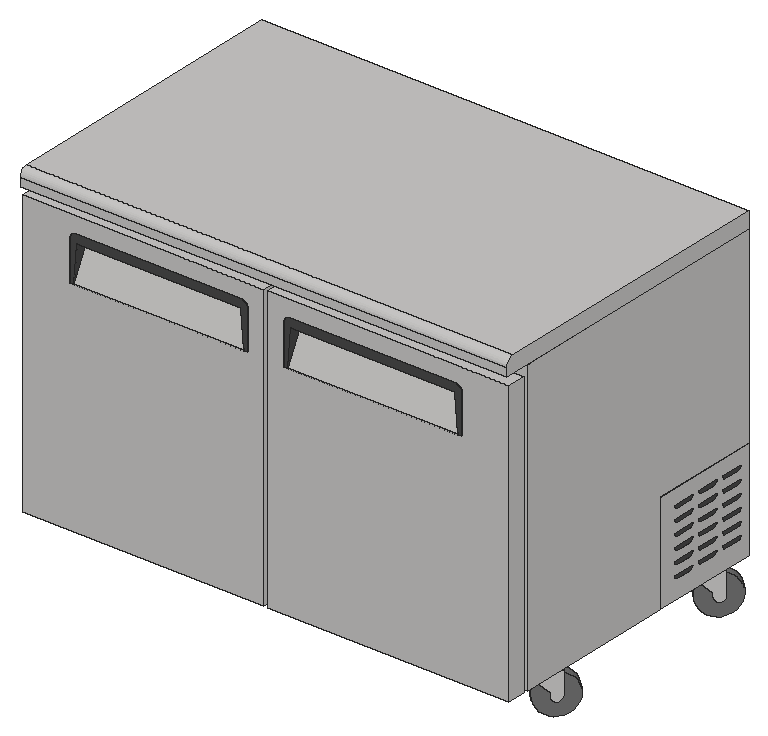
Revit family "QF_Turbo Air_MUF-48", category Specialty Equipment, Revit 2012
Parameters
  Weight in Pounds = 246
  Watermarked By = "http://revitwatermark.com"
  Volts = 115 V
  URL Cutsheet = ""
  URL = "www.turboairinc.com"
  Status [instance] = ""
  Specification by User [instance] = ""
  Specification by Manufacturer [instance] = ""
  Serial Number [instance] = ""
  Revision Code [instance] = ""
  Phase = 1
  Number of Poles [instance] = 1
  NAFEM Spec ID Number [instance] = ""
  Model = "MUF-48"
  Masterspec [instance] = ""
  Manufacturer = "Turbo Air"  # constant formula
  Legs [instance] = [6 inch Legs]  # no
  Item Number [instance] = "-"
  Installed By [instance] = ""
  HP = "1/2"
  Furnished By [instance] = ""
  Foodservice Equipment Identifier = yes
  FL Amps = 8.3 A
  Electrical Remarks [instance] = ""
  Electric Connection Type [instance] = ""
  Elec Conn RI Height [instance] = 0' - 0"
  Elec Conn Connection Height = 1' - 0"
  Description = "Undercounter Freezer"
  Cycle = 60 Hz
  Conn Plug = "NEMA 5-15P"
  Casters [instance] = not(Legs)  # yes
  CasterLeg Height [instance] = if([4 inch Casters], 0' 5", if([5 inch Casters], 0' 5 3/4", if([2_5 inch Casters], 0' 3 3/8", 0' 6")))  # 0' - 5"
  CSI MasterFormat = "11 41 13"
  Assembly Code = "E1090320"
  Apparent Power = if(Phase = 3, Volts * FL Amps * 1.73, Volts * FL Amps)  # 954.5 VA
  6 inch Legs [instance] = no
  5 inch Casters [instance] = no
  4 inch Casters [instance] = yes
  2_5 inch Casters [instance] = no
Reference planes (in)
  plane 1 "BACK": y = 0
  plane 2: z = 0
  plane 3 "LEFT": x = -20.78844
  plane 4 "Bottom": z = 5
  plane 5 "Back Stops": y = 1
  plane 6 "RIGHT": x = 27.46156
  plane 7 "FRONT": y = -30
  plane 8 "Door Clearance": y = -51.875
  plane 9 "Back of Door": y = -27.875
  plane 10 "Front of Box": y = -27.375
  plane 11 "Top of Door": z = 33.125
  plane 12 "TOP": z = 35.625
  plane 13 "Bottom of TOP": z = 34
  plane 14 "Center LR": x = 3.33656
  plane 15: x = 3.52406
  plane 16: x = 3.14906
Forms (in)
  Extrusion 1, solid, material "QF_Finishes_Stainless Steel"
    sketch origin (-20.78844, 0, 0) x (0, 1, 0) y (0, 0, 1)
      loop
        line (0, 5) -> (0, 34) -> (-27.375, 34) -> (-27.375, 5) -> (0, 5)
    from 0 to 48.25
  Extrusion 2, solid, material "QF_Finishes_Black"
    sketch origin (0, -27.375, 0) x (1, 0, 0) y (0, 0, 1)
      loop
        line (-19.78844, 32.125) -> (-19.78844, 6) -> (2.14906, 6) -> (2.14906, 32.125) -> (-19.78844, 32.125)
      loop
        line (4.52406, 32.125) -> (4.52406, 6) -> (26.46156, 6) -> (26.46156, 32.125) -> (4.52406, 32.125)
    from 0 to 0.5
  Extrusion 3, void
    sketch origin (27.46156, 0, 0) x (0, 1, 0) y (0, 0, 1)
      loop
        line (0, 5) -> (0, 15) -> (-11, 15) -> (-11, 5) -> (0, 5)
    from 0 to -1
  Extrusion 4, solid, material "QF_Finishes_Stainless Steel"
    sketch origin (27.46156, 0, 0) x (0, 1, 0) y (0, 0, 1)
      loop
        line (-10.875, 14.875) -> (-10.875, 5) -> (0, 5) -> (0, 14.875) -> (-10.875, 14.875)
      loop
        arc (-9.25, 13.5) -> (-9.10355, 13.14645) -> (-8.75, 13) r 0.5
        line (-8.75, 13) -> (-7.25, 13)
        arc (-7.25, 13) -> (-6.89645, 13.14645) -> (-6.75, 13.5) r 0.5
        line (-6.75, 13.5) -> (-9.25, 13.5)
      loop
        arc (-6.25, 13.5) -> (-6.10355, 13.14645) -> (-5.75, 13) r 0.5
        line (-5.75, 13) -> (-4.25, 13)
        arc (-4.25, 13) -> (-3.89645, 13.14645) -> (-3.75, 13.5) r 0.5
        line (-3.75, 13.5) -> (-6.25, 13.5)
      loop
        arc (-3.25, 13.5) -> (-3.10355, 13.14645) -> (-2.75, 13) r 0.5
        line (-2.75, 13) -> (-1.25, 13)
        arc (-1.25, 13) -> (-0.89645, 13.14645) -> (-0.75, 13.5) r 0.5
        line (-0.75, 13.5) -> (-3.25, 13.5)
      loop
        arc (-9.25, 12.25) -> (-9.10355, 11.89645) -> (-8.75, 11.75) r 0.5
        line (-8.75, 11.75) -> (-7.25, 11.75)
        arc (-7.25, 11.75) -> (-6.89645, 11.89645) -> (-6.75, 12.25) r 0.5
        line (-6.75, 12.25) -> (-9.25, 12.25)
      loop
        arc (-6.25, 12.25) -> (-6.10355, 11.89645) -> (-5.75, 11.75) r 0.5
        line (-5.75, 11.75) -> (-4.25, 11.75)
        arc (-4.25, 11.75) -> (-3.89645, 11.89645) -> (-3.75, 12.25) r 0.5
        line (-3.75, 12.25) -> (-6.25, 12.25)
      loop
        arc (-3.25, 12.25) -> (-3.10355, 11.89645) -> (-2.75, 11.75) r 0.5
        line (-2.75, 11.75) -> (-1.25, 11.75)
        arc (-1.25, 11.75) -> (-0.89645, 11.89645) -> (-0.75, 12.25) r 0.5
        line (-0.75, 12.25) -> (-3.25, 12.25)
      loop
        arc (-9.25, 11) -> (-9.10355, 10.64645) -> (-8.75, 10.5) r 0.5
        line (-8.75, 10.5) -> (-7.25, 10.5)
        arc (-7.25, 10.5) -> (-6.89645, 10.64645) -> (-6.75, 11) r 0.5
        line (-6.75, 11) -> (-9.25, 11)
      loop
        arc (-6.25, 11) -> (-6.10355, 10.64645) -> (-5.75, 10.5) r 0.5
        line (-5.75, 10.5) -> (-4.25, 10.5)
        arc (-4.25, 10.5) -> (-3.89645, 10.64645) -> (-3.75, 11) r 0.5
        line (-3.75, 11) -> (-6.25, 11)
      loop
        arc (-3.25, 11) -> (-3.10355, 10.64645) -> (-2.75, 10.5) r 0.5
        line (-2.75, 10.5) -> (-1.25, 10.5)
        arc (-1.25, 10.5) -> (-0.89645, 10.64645) -> (-0.75, 11) r 0.5
        line (-0.75, 11) -> (-3.25, 11)
      loop
        arc (-9.25, 9.75) -> (-9.10355, 9.39645) -> (-8.75, 9.25) r 0.5
        line (-8.75, 9.25) -> (-7.25, 9.25)
        arc (-7.25, 9.25) -> (-6.89645, 9.39645) -> (-6.75, 9.75) r 0.5
        line (-6.75, 9.75) -> (-9.25, 9.75)
      loop
        arc (-6.25, 9.75) -> (-6.10355, 9.39645) -> (-5.75, 9.25) r 0.5
        line (-5.75, 9.25) -> (-4.25, 9.25)
        arc (-4.25, 9.25) -> (-3.89645, 9.39645) -> (-3.75, 9.75) r 0.5
        line (-3.75, 9.75) -> (-6.25, 9.75)
      loop
        arc (-3.25, 9.75) -> (-3.10355, 9.39645) -> (-2.75, 9.25) r 0.5
        line (-2.75, 9.25) -> (-1.25, 9.25)
        arc (-1.25, 9.25) -> (-0.89645, 9.39645) -> (-0.75, 9.75) r 0.5
        line (-0.75, 9.75) -> (-3.25, 9.75)
      loop
        arc (-9.25, 8.5) -> (-9.10355, 8.14645) -> (-8.75, 8) r 0.5
        line (-8.75, 8) -> (-7.25, 8)
        arc (-7.25, 8) -> (-6.89645, 8.14645) -> (-6.75, 8.5) r 0.5
        line (-6.75, 8.5) -> (-9.25, 8.5)
      loop
        arc (-6.25, 8.5) -> (-6.10355, 8.14645) -> (-5.75, 8) r 0.5
        line (-5.75, 8) -> (-4.25, 8)
        arc (-4.25, 8) -> (-3.89645, 8.14645) -> (-3.75, 8.5) r 0.5
        line (-3.75, 8.5) -> (-6.25, 8.5)
      loop
        arc (-3.25, 8.5) -> (-3.10355, 8.14645) -> (-2.75, 8) r 0.5
        line (-2.75, 8) -> (-1.25, 8)
        arc (-1.25, 8) -> (-0.89645, 8.14645) -> (-0.75, 8.5) r 0.5
        line (-0.75, 8.5) -> (-3.25, 8.5)
      loop
        arc (-9.25, 7.25) -> (-9.10355, 6.89645) -> (-8.75, 6.75) r 0.5
        line (-8.75, 6.75) -> (-7.25, 6.75)
        arc (-7.25, 6.75) -> (-6.89645, 6.89645) -> (-6.75, 7.25) r 0.5
        line (-6.75, 7.25) -> (-9.25, 7.25)
      loop
        arc (-6.25, 7.25) -> (-6.10355, 6.89645) -> (-5.75, 6.75) r 0.5
        line (-5.75, 6.75) -> (-4.25, 6.75)
        arc (-4.25, 6.75) -> (-3.89645, 6.89645) -> (-3.75, 7.25) r 0.5
        line (-3.75, 7.25) -> (-6.25, 7.25)
      loop
        arc (-3.25, 7.25) -> (-3.10355, 6.89645) -> (-2.75, 6.75) r 0.5
        line (-2.75, 6.75) -> (-1.25, 6.75)
        arc (-1.25, 6.75) -> (-0.89645, 6.89645) -> (-0.75, 7.25) r 0.5
        line (-0.75, 7.25) -> (-3.25, 7.25)
    from 0 to -1
  Extrusion 5, solid, material "QF_Finishes_Black"
    sketch origin (27.46156, 0, 0) x (0, 1, 0) y (0, 0, 1)
      loop
        line (-9.875, 13.95221) -> (-9.875, 6.20221) -> (-0.375, 6.20221) -> (-0.375, 13.95221) -> (-9.875, 13.95221)
    from -0.125 to -1
  Extrusion 6, solid, material "QF_Finishes_Black"
    sketch origin (0, 0, 0) x (1, 0, 0) y (0, 0, 1)
      loop
        circle (-14.66344, 30.8125) r 0.5
      loop
        circle (21.33656, 30.8125) r 0.5
    from 0 to -1
  Extrusion 7, solid, material "QF_Finishes_Stainless Steel"
    sketch origin (0, 0, 0) x (1, 0, 0) y (0, 0, 1)
      loop
        circle (23.46156, 11.125) r 0.25
    from 0 to -0.0625
  Extrusion 8, solid, material "QF_Finishes_Polished Steel"
    sketch origin (-20.78844, 0, 0) x (0, 1, 0) y (0, 0, 1)
      loop
        line (0, 35.625) -> (-29.1875, 35.625)
        arc (-29.1875, 35.625) -> (-29.76202, 35.38702) -> (-30, 34.8125) r 0.8125
        line (-30, 34.8125) -> (-30, 34) -> (0, 34) -> (0, 35.625)
    from 0 to 48.25
Cuts and joins
  Extrusion 3 cuts Extrusion 1
Lines and regions (in)
  symbolic lines
    curve 1: line (-20.78844, 0, 35.875) -> (27.46156, 0, 35.875)
    curve 2: line (-20.78844, -30, 35.875) -> (-20.78844, 0, 35.875)
    curve 3: line (27.46156, -30, 35.875) -> (-20.78844, -30, 35.875)
    curve 4: line (27.46156, 0, 35.875) -> (27.46156, -30, 35.875)
    curve 5: line (20.83656, 1, 35.875) -> (21.83656, 1, 35.875)
    curve 6: line (-15.16344, 1, 35.875) -> (-14.16344, 1, 35.875)
    curve 7: line (-15.16344, 1, 35.875) -> (-15.16344, 0, 35.875)
    curve 8: line (-14.16344, 1, 35.875) -> (-14.16344, 0, 35.875)
    curve 9: line (20.83656, 1, 35.875) -> (20.83656, 0, 35.875)
    curve 10: line (21.83656, 1, 35.875) -> (21.83656, 0, 35.875)
  symbolic lines, style "QF_Clearances", detail levels coarse
    curve 11: line (27.46156, -30, 35.875) -> (27.46156, -51.875, 35.875)
    curve 12: arc (27.46156, -51.875, 35.875) -> (11.25971, -45.58093, 35.875) -> (3.55582, -30, 35.875) r 24
    curve 13: line (-20.78844, -30, 35.875) -> (-20.78844, -51.875, 35.875)
    curve 14: arc (-20.78844, -51.875, 35.875) -> (-4.58659, -45.58093, 35.875) -> (3.1173, -30, 35.875) r 24
Dimensions and locks (in)
  "CasterLeg Height": plane 4 "Bottom" to plane 2
  locked: plane 1 "BACK" to plane 5 "Back Stops" at 1
  locked: plane 6 "RIGHT" to plane 3 "LEFT" at 48.25
  locked: plane 7 "FRONT" to plane 1 "BACK" at 30
  locked: plane 9 "Back of Door" to plane 10 "Front of Box" at 0.5
  locked: plane 8 "Door Clearance" to plane 1 "BACK" at 51.875
  locked: plane 11 "Top of Door" to Extrusion 2 sketch curve at 1  (x2)
  locked: Extrusion 2 sketch curve to plane 3 "LEFT" at 1
  locked: Extrusion 2 sketch curve to plane 4 "Bottom" at 1  (x2)
  locked: Extrusion 3 sketch curve to plane 1 "BACK" at 11
  locked: Extrusion 3 sketch curve to plane 4 "Bottom" at 10
  locked: plane 4 "Bottom" to Extrusion 4 sketch curve at 9.875
  locked: Extrusion 4 sketch curve to plane 1 "BACK" at 10.875
  locked: Extrusion 5 sketch curve to Extrusion 5 sketch curve at 7.75
  locked: Extrusion 5 sketch curve to plane 4 "Bottom" at 1.20221
  locked: Extrusion 5 sketch curve to Extrusion 5 sketch curve at 9.5
  locked: Extrusion 5 sketch curve to plane 1 "BACK" at 0.375
  locked: nested 1 to plane 1 "BACK" at 2.5625
  locked: plane 3 "LEFT" to nested 1 at 2.5
  locked: plane 3 "LEFT" to nested 2 at 2.5
  locked: plane 10 "Front of Box" to nested 2 at 4.625
  locked: nested 3 to plane 6 "RIGHT" at 2.5
  locked: nested 4 to plane 6 "RIGHT" at 2.5
  locked: plane 10 "Front of Box" to nested 4 at 4.625
  locked: nested 3 to plane 1 "BACK" at 2.5625
  locked: plane 6 "RIGHT" to Extrusion 6 sketch curve at 6.125
  locked: Extrusion 6 sketch curve to plane 3 "LEFT" at 6.125
  locked: Extrusion 7 sketch curve to plane 4 "Bottom" at 6.125
  locked: plane 6 "RIGHT" to Extrusion 7 sketch curve at 4
  locked: plane 12 "TOP" to plane 4 "Bottom" at 30.625
  locked: plane 12 "TOP" to plane 13 "Bottom of TOP" at 1.625
  locked: plane 13 "Bottom of TOP" to plane 11 "Top of Door" at 0.875
  plane 9 "Back of Door" to plane 1 "BACK" = 2' - 3 7/8"
  equal spacing: plane 3 "LEFT", plane 14 "Center LR", plane 6 "RIGHT"
  plane 16 to plane 14 "Center LR" to plane 15 = 0' - 0 3/16" locked, 0' - 0 3/16" locked
  locked: Extrusion 2 sketch curve to plane 16 at 1
  locked: Extrusion 2 sketch curve to plane 6 "RIGHT" at 1
  locked: Extrusion 2 sketch curve to plane 15 at 1
  aligned and locked: level to plane 2
  aligned and locked: Extrusion 1 sketch curve to plane 1 "BACK"
  aligned and locked: Extrusion 1 sketch curve to plane 4 "Bottom"
  aligned and locked: plane 10 "Front of Box" to Extrusion 1 sketch curve
  aligned and locked: plane 6 "RIGHT" to Extrusion 1
  aligned and locked: plane 9 "Back of Door" to Extrusion 2
  aligned and locked: Extrusion 3 sketch curve to plane 1 "BACK"
  aligned and locked: Extrusion 3 sketch curve to plane 4 "Bottom"
  aligned and locked: Extrusion 6 to plane 5 "Back Stops"
  aligned and locked: plane 1 "BACK" to curve 1
  aligned and locked: curve 4 to plane 6 "RIGHT"
  aligned and locked: plane 3 "LEFT" to curve 2
  aligned and locked: curve 3 to plane 7 "FRONT"
  aligned and locked: curve 5 to Extrusion 6
  aligned and locked: curve 6 to Extrusion 6
  aligned and locked: Extrusion 1 sketch curve to plane 13 "Bottom of TOP"
  aligned and locked: plane 1 "BACK" to Extrusion 8 sketch curve
  aligned and locked: plane 13 "Bottom of TOP" to Extrusion 8 sketch curve
  aligned and locked: Extrusion 8 sketch curve to plane 7 "FRONT"
  aligned and locked: Extrusion 8 sketch curve to plane 12 "TOP"
  aligned and locked: plane 6 "RIGHT" to Extrusion 8
  aligned and locked: nested 6 to plane 4 "Bottom"
  aligned and locked: plane 4 "Bottom" to nested 5
Automatic sketch dimensions
  Extrusion 4 sketch curve to plane 1 "BACK" = 0' - 0"
  Extrusion 4 sketch curve to plane 4 "Bottom" = 0' - 0"
  Extrusion 4 sketch curve to Extrusion 4 sketch curve = 0' - 1 5/8"
  Extrusion 4 sketch curve to Extrusion 4 sketch curve = 0' - 0"  (x16)
  Extrusion 4 sketch curve to Extrusion 4 sketch curve = 0' - 0 1/2"  (x31)
  Extrusion 4 sketch curve to Extrusion 4 sketch curve = 0' - 1 1/2"  (x4)
  plane 1 "BACK" to Extrusion 4 sketch curve = 0' - 1 1/4"  (x3)
  plane 4 "Bottom" to Extrusion 4 sketch curve = 0' - 1 3/4"  (x2)
  Extrusion 4 sketch curve to Extrusion 4 sketch curve = 0' - 0 3/4"  (x15)
  Extrusion 6 sketch curve to plane 11 "Top of Door" = 0' - 2 5/16"  (x2)
  Extrusion 8 sketch curve to plane 7 "FRONT" = 0' - 0 13/16"
  plane 8 "Door Clearance" to curve 11 = 0' - 0"
  plane 8 "Door Clearance" to curve 14 = 0' - 0"
  plane 9 "Back of Door" to curve 12 = 0' - 0"
  plane 9 "Back of Door" to curve 14 = 0' - 0"
  curve 10 to plane 6 "RIGHT" = 0' - 5 5/8"
  curve 5 to curve 9 = 0' - 1"
  plane 3 "LEFT" to curve 8 = 0' - 6 5/8"
  curve 6 to curve 7 = 0' - 1"
  radius of Extrusion 6 sketch curve = 0' - 0 1/2"  (x2)
  radius of Extrusion 7 sketch curve = 0' - 0 1/4"
Nested families (in)
  nested 1: "FESCasterLeg" at (-18.28844, -2.5625, 0), Legs <- "Legs", Casters <- "Casters", Height <- "CasterLeg Height", type "FESCasterLeg"
    with Legs no, Height 0' - 5", Casters yes, Caster Radius 0' - 2"
  nested 2: "FESCasterLeg" at (-18.28844, -22.75, 0), Legs <- "Legs", Casters <- "Casters", Height <- "CasterLeg Height", type "FESCasterLeg"
    with Legs no, Height 0' - 5", Casters yes, Caster Radius 0' - 2"
  nested 3: "FESCasterLeg" at (24.96156, -2.5625, 0), Legs <- "Legs", Casters <- "Casters", Height <- "CasterLeg Height", type "FESCasterLeg"
    with Legs no, Height 0' - 5", Casters yes, Caster Radius 0' - 2"
  nested 4: "FESCasterLeg" at (24.96156, -22.75, 0), Legs <- "Legs", Casters <- "Casters", Height <- "CasterLeg Height", type "FESCasterLeg"
    with Legs no, Height 0' - 5", Casters yes, Caster Radius 0' - 2"
  nested 5: "QF_Turbo Air_TBL_Door-1" at (12.28489, -27.875, 5) x (-1, 0, 0) z (0, 0, 1), type "QF_Turbo Air_TBL_Door-1"
    with Width 1' - 11 15/16", Symbolic Lines yes, Height 2' - 4 1/8", Handle Width 1' - 5 5/8", Depth 0' - 1 13/16"
  nested 6: "QF_Turbo Air_TBL_Door-1" at (-5.61177, -27.875, 5), type "QF_Turbo Air_TBL_Door-1"
    with Width 1' - 11 15/16", Symbolic Lines yes, Height 2' - 4 1/8", Handle Width 1' - 5 5/8", Depth 0' - 1 13/16"
Connectors (in)
  electrical at (23.46156, 0.0625, 11.125), driven by "Number of Poles", driven by "Volts", driven by "Apparent Power"
    settings: on Extrusion 7, index 1, voltage 115 V, apparent load 954.5 VA, apparent load phase1 0 VA, apparent load phase2 0 VA, apparent load phase3 0 VA, power factor 1, load classification "Other", number of poles 1, system type 30, power factor state 1, is connector primary yes, connector utility no, sub classification motor no, connector description ""
Definition of nested family "FESCasterLeg"
  Parameters (values of type "FESCasterLeg")
    Watermarked By = "http://revitwatermark.com"
    Type Comments = "⍁⍉⌁⌀⏭⎽⌇⍠⌜⍉⎖⌥⌦⌯⍭⏊⍻⍿⍊⏵⍊⏗⏠⍴⎡⌈⎀⍠⌓⌤⏘⎐⍀⌐⏬⏁⎈⏍⏦⎒⏬⌝⍩⍇⌣〈⎫〉⎁⏊⍥⍖⍥⍝⍦⌖⍀⏌⏭⎝⎼⏷⏞⍻⏯⎽⏷⏞⍻⏯⎽⏷⎺⌻⎝⍎⌧⏷⏟⏿⌿⍜⍦⍤⌁⍬⏶⏎⍊⏚⏉⎞⌡⎀⎪⏈⌟⌿⍾⍼⌟⌿⌢⌞⏜⏝⎽⍷⍷⍯⍧⍷⌯⍽⏸⏨⏾⏎⌣⏺⍹⏼⏅⎏⌽⎫⎪⍙⎓⏗⎗⏅⌴⍏⍏⍿⏑⎺⍘⌭⏲⍥⎛⎾⎾⍞⍌⎪⎲⌙⎥⏏⎟⎟⏼⏘⎏⎝⏧⏍⏁⍏⍧⏯⏾⌟"
    Legs [instance] = yes
    Height [instance] = 0' - 6"
    Caster Radius [instance] = if(Height < 0' 3", 0' 1", (Height / 2) - 0' 0 1/2")  # 0' - 2 1/2"
    Casters [instance] = yes
    Assembly Code = ""
  Reference planes (in)
    plane 1 "Center (Front/Back)": y = 0
    plane 2: z = 0
    plane 3 "Center (Left/Right)": x = 0
    plane 4: z = 6
    plane 5: z = 5.5
  Forms (in)
    Extrusion 1, solid, material "QF_Finishes_Stainless Steel", visible <- "Casters"
      sketch origin (-24.12131, -22.88887, 10.18833) x (0.707107, 0.707107, 0) y (0, 0, 1)
        loop
          line (34.98772, -7.68833) -> (34.98772, -4.93833) -> (34.48772, -4.93833) -> (34.39402, -4.68833) -> (32.39402, -4.68833) -> (32.39402, -5.43833) -> (33.98772, -7.34206) -> (33.98772, -7.68833)
          arc (33.98772, -7.68833) -> (34.48772, -8.18833) -> (34.98772, -7.68833) r 0.5
      from 0 to 1.75
    Extrusion 2, solid, material "QF_Finishes_Rubber Black", visible <- "Casters"
      sketch origin (-24.32327, -23.09083, 13.31461) x (0.707107, 0.707107, 0) y (0, 0, 1)
        loop
          circle (34.77334, -10.81461) r 2.5
      from 0.375 to 1.375
    Extrusion 3, solid, material "QF_Finishes_Stainless Steel", visible <- "Casters"
      sketch origin (-7.24148, -8.48391, 0) x (0.707107, 0.707107, 0) y (0, 0, 1)
        loop
          line (10.61603, 5.5) -> (11.61603, 5.5) -> (11.61603, 6) -> (10.61603, 6) -> (10.61603, 5.5)
      from 0 to -1.75
    Blend 4, solid, material "QF_Finishes_Stainless Steel", visible <- "Legs"
      base sketch origin (0, 0, 0) x (1, 0, 0) y (0, 1, 0)
        loop
          circle (0, 0) r 0.5
      top sketch origin (0, 0, 0) x (1, 0, 0) y (0, 1, 0)
        loop
          circle (0, 0) r 1
      from 0 to 6 <- "Height"
  Lines and regions (in)
    symbolic lines, style "QF_Hidden Details", visible <- "Casters", built-in parameter 1006206 <- "Casters"
      curve 1: line (-1.26158, -0.51911, 0) -> (1.39007, 2.13254, 0)
      curve 2: line (-0.53429, -1.24639, 0) -> (2.11736, 1.40526, 0)
    symbolic lines, style "QF_Hidden Details", built-in parameter 1006206 <- "Casters", visible <- "Casters"
      curve 3: line (-1.26158, -0.51911, 0) -> (1.39007, 2.13254, 0)
      curve 4: line (-0.53429, -1.24639, 0) -> (2.11736, 1.40526, 0)
  Dimensions and locks (in)
    locked: plane 4 to plane 5 at 0.5
    "Height": plane 4 to level
    "Caster Radius": Extrusion 2 sketch curve to level
    "Caster Radius": Extrusion 1 sketch curve to level
    "Caster Radius": radius of Extrusion 2 sketch curve
    aligned and locked: plane 2 to level
    aligned: Blend 4 to Extrusion 3
    aligned and locked: plane 4 to Blend 4
    aligned and locked: Extrusion 3 to plane 5
    aligned and locked: plane 4 to Extrusion 3
    aligned and locked: plane 5 to Extrusion 1
  Automatic sketch dimensions
    plane 1 "Center (Front/Back)" to curve 3 = 0' - 0.51911"
    curve 3 to plane 3 "Center (Left/Right)" = 0' - 1.26158"
    plane 1 "Center (Front/Back)" to curve 1 = 0' - 0.51911"
    curve 1 to curve 3 = 0' - 0"  (x3)
    curve 4 to plane 3 "Center (Left/Right)" = 0' - 0.53429"
    curve 2 to curve 4 = 0' - 0"  (x2)
    plane 3 "Center (Left/Right)" to curve 3 = 0' - 1.39007"
    curve 1 to curve 4 = 0' - 0.72729"
    curve 2 to curve 1 = 0' - 0.72729"
    curve 4 to curve 2 = 0' - 0"  (x2)
    curve 2 to plane 1 "Center (Front/Back)" = 0' - 1.40526"
    curve 2 to curve 3 = 0' - 0.72729"
    plane 5 to Extrusion 1 sketch curve = 0' - 0"
    Extrusion 1 sketch curve to Extrusion 1 sketch curve = 0' - 1.5937"
    Extrusion 1 sketch curve to Extrusion 1 sketch curve = 0' - 2"
    Extrusion 1 sketch curve to Extrusion 1 sketch curve = 0' - 0.0937"
    Extrusion 1 sketch curve to Extrusion 1 sketch curve = 0' - 0 1/2"
    Extrusion 1 sketch curve to Extrusion 1 sketch curve = 0' - 0.34627"
    Extrusion 1 sketch curve to plane 5 = 0' - 0 3/4"
    Extrusion 1 sketch curve to plane 5 = 0' - 0 1/4"
    Extrusion 3 sketch curve to plane 5 = 0' - 0"
    plane 4 to Extrusion 3 sketch curve = 0' - 0"
    Extrusion 3 sketch curve to Extrusion 3 sketch curve = 0' - 1"
    plane 1 "Center (Front/Back)" to Blend 4 sketch curve = 0' - 0"  (x2)
    Blend 4 sketch curve to plane 3 "Center (Left/Right)" = 0' - 0"  (x2)
    radius of Blend 4 sketch curve = 0' - 0 1/2"
    radius of Blend 4 sketch curve = 0' - 1"
Definition of nested family "QF_Turbo Air_TBL_Door-1"
  Parameters (values of type "QF_Turbo Air_TBL_Door-1")
    Width [instance] = 2' - 5 5/16"
    Watermarked By = "http://revitwatermark.com"
    Symbolic Lines [instance] = yes
    Manufacturer = "Turbo Air"  # constant formula
    Height [instance] = 2' - 3 7/16"
    Handle Width [instance] = 1' - 5 5/8"
    Depth [instance] = 0' - 1 13/16"
  Reference planes (in)
    plane 1 "BACK": y = 0
    plane 2: z = 0
    plane 3 "LEFT": x = -15.17667
    plane 4: x = 14.13583
    plane 5 "FRONT": y = -1.8125
    plane 6: z = 27.4375
    plane 7 "Right of Handle": x = 12.51083
    plane 8 "Left of Handle": x = -5.11417
  Forms (in)
    Extrusion 1, solid, material "QF_Finishes_Black"
      sketch origin (-31.11417, 0, 15.01083) x (0, 0, -1) y (1, 0, 0)
        loop
          arc (-10.23917, 43.625) -> (-10.63691, 43.46025) -> (-10.80167, 43.0625) r 0.5625
          line (-10.80167, 43.0625) -> (-10.80167, 26.5625)
          arc (-10.80167, 26.5625) -> (-10.63691, 26.16475) -> (-10.23917, 26) r 0.5625
          line (-10.23917, 26) -> (-6.30167, 26) -> (-6.30167, 26.34375) -> (-9.98917, 26.66636) -> (-9.98917, 42.95864) -> (-6.30167, 43.28125) -> (-6.30167, 43.625) -> (-10.23917, 43.625)
      from 0 to 1.8125
    Extrusion 2, solid, material "QF_Finishes_Stainless Steel"
      sketch origin (-5.14542, 0, 15.01083) x (0, 1, 0) y (0, 0, 1)
        loop
          line (-1.8125, 6.30167) -> (0, 6.30167) -> (0, 9.98917) -> (-0.47036, 9.98917) -> (-1.8125, 6.30167)
      from 0.375 to 17.3125
    Extrusion 3, solid, material "QF_Finishes_Stainless Steel"
      sketch origin (0, 0, 0) x (1, 0, 0) y (0, 0, 1)
        loop
          line (-15.17667, 27.4375) -> (-15.17667, 0) -> (14.13583, 0) -> (14.13583, 27.4375) -> (-15.17667, 27.4375)
        loop
          arc (-4.55167, 25.8125) -> (-4.94941, 25.64775) -> (-5.11417, 25.25) r 0.5625
          line (-5.11417, 25.25) -> (-5.11417, 21.3125) -> (12.51083, 21.3125) -> (12.51083, 25.25)
          arc (12.51083, 25.25) -> (12.34608, 25.64775) -> (11.94833, 25.8125) r 0.5625
          line (11.94833, 25.8125) -> (-4.55167, 25.8125)
      from 0 to 1.8125
  Lines and regions (in)
    symbolic lines, visible <- "Symbolic Lines"
      curve 1: line (-15.17667, 0, 25.96875) -> (14.13583, 0, 25.96875)
      curve 2: line (-15.17667, -1.8125, 25.96875) -> (-15.17667, 0, 25.96875)
      curve 3: line (14.13583, -1.8125, 25.96875) -> (-15.17667, -1.8125, 25.96875)
      curve 4: line (14.13583, 0, 25.96875) -> (14.13583, -1.8125, 25.96875)
  Dimensions and locks (in)
    "Width": plane 4 to plane 3 "LEFT"
    "Depth": plane 5 "FRONT" to plane 1 "BACK"
    "Height": plane 6 to plane 2
    locked: Extrusion 3 sketch curve to Extrusion 3 sketch curve at 4.5
    locked: plane 6 to Extrusion 3 sketch curve at 1.625
    locked: plane 6 to Extrusion 1 sketch curve at 1.625
    locked: Extrusion 1 sketch curve to Extrusion 1 sketch curve at 0.8125
    locked: Extrusion 1 sketch curve to Extrusion 1 sketch curve at 4.5  (x2)
    locked: plane 6 to Extrusion 2 sketch curve at 2.4375
    locked: Extrusion 2 sketch curve to Extrusion 2 sketch curve at 3.6875
    locked: Extrusion 2 sketch curve to plane 5 "FRONT" at 1.34214
    locked: plane 7 "Right of Handle" to plane 4 at 1.625
    "Handle Width": plane 8 "Left of Handle" to plane 7 "Right of Handle"
    locked: Extrusion 1 sketch curve to plane 8 "Left of Handle" at 0.34375
    locked: Extrusion 1 sketch curve to plane 8 "Left of Handle" at 0.66636
    locked: Extrusion 1 sketch curve to plane 8 "Left of Handle" at 0.5625
    locked: plane 7 "Right of Handle" to Extrusion 1 sketch curve at 0.34375
    locked: plane 7 "Right of Handle" to Extrusion 1 sketch curve at 0.66636
    locked: plane 7 "Right of Handle" to Extrusion 1 sketch curve at 0.5625
    locked: plane 8 "Left of Handle" to Extrusion 2 at 0.34375
    locked: plane 7 "Right of Handle" to Extrusion 2 at 0.34375
    aligned and locked: level to plane 2
    aligned and locked: Extrusion 3 sketch curve to plane 6
    aligned and locked: plane 3 "LEFT" to Extrusion 3 sketch curve
    aligned and locked: level to Extrusion 3 sketch curve
    aligned and locked: Extrusion 3 sketch curve to plane 4
    aligned and locked: plane 5 "FRONT" to Extrusion 3
    aligned and locked: Extrusion 2 sketch curve to plane 1 "BACK"
    aligned and locked: plane 1 "BACK" to curve 1
    aligned and locked: plane 3 "LEFT" to curve 2
    aligned and locked: curve 3 to plane 5 "FRONT"
    aligned and locked: curve 4 to plane 4
    aligned and locked: Extrusion 3 sketch curve to plane 7 "Right of Handle"
    aligned and locked: Extrusion 3 sketch curve to plane 8 "Left of Handle"
    aligned and locked: Extrusion 1 sketch curve to plane 7 "Right of Handle"
    aligned and locked: plane 8 "Left of Handle" to Extrusion 1 sketch curve
  Automatic sketch dimensions
    Extrusion 3 sketch curve to Extrusion 3 sketch curve = 0' - 0 9/16"  (x2)
    Extrusion 2 sketch curve to plane 5 "FRONT" = 0' - 0"
